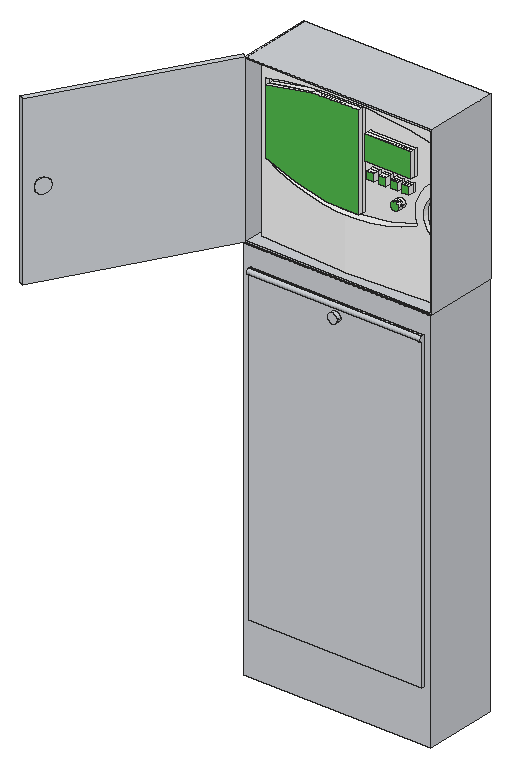
Revit family "Controller ESP-LXD", category Dispositivos de dados, Revit 2020
Family settings
  Manter orientação da anotação = Não
  Cota do conector redondo = Utilizar diâmetro
  Tipo de parte = Normal
  Número OmniClass = 23.85.50.00
  Título OmniClass = Communication Systems
  Com base no plano de trabalho = Não
  Sempre na vertical = Sim
  Corte com vazios quando carregada = Não
  Compartilhado = Não
  Ponto de cálculo do ambiente = Não
Parameters (values of type "IESPLXD")
  URL = "www.rainbird.com"
  SupportProjetos: Review Date = ""  # constant formula
  SupportProjetos: Review = "R00"  # constant formula
  SupportProjetos: Level of Detail = "LOD 300"  # constant formula
  SupportProjetos: Developed = "MICHEL SOARES MOTA"  # constant formula
  SupportProjetos: Creation Date = "16/09/2020"  # constant formula
  RainBird: Product Link = "www.rainbird.com"
  RainBird: Description = "IESPLXD"
  RainBird: Comment = ""
  RainBird: Code = "F43100"  # constant formula
  Modelo = "IESPLXD"
  LXMMPED [instance] = yes
  LXMM = yes
  DTT2 = 120 mm
  Tipo de imagem = esp-lxme_no_cover_straight_cc.jpg
  Valve feed output [instance] = 10 mm
  Depth = 129.561 mm
  Power = 29.5 VA
  DTT1 [instance] = if(([Number for ESPLXD-SM75]) = 1, 125, if(([Number for ESPLXD-SM75]) = 2, 200, 0))  # 125
  Number of Stations [instance] = DTT1  # 125
  Width = 364 mm
  Power Supply [instance] = 10 mm
  Elevação padrão = 0 mm
  Number for ESPLXD-SM75 [instance] = 1
  Number for ESPLXD50 [instance] = 1
  Corrente de Saída = 1.9 A
  Electrical Connection [instance] = 10 mm
  Height from base = 800 mm
  Heigth = 322 mm
  Type Comments = RainBird: Comment  # ""
  Supply = 230 VA
Types (5, lengths in mm): name | RainBird: Description | Modelo | DTT1 | Number of Stations | Number for ESPLXD-SM75 | Number for ESPLXD50 | Supply
  (no name) | "IESPLXD" | "IESPLXD" | 125 | 125 | 1 | 1 | 230 VA
  ESPLXDSM75 | "ESPLXDSM75" | "ESPLXDSM75" | 200 | 200 | 2 | 2 | 120 VA
  MOD50LXD | "MOD50LXD" | "MOD50LXD" | 200 | 200 | 2 | 2 | 120 VA
  IESPLXD | "IESPLXD" | "IESPLXD" | 125 | 125 | 1 | 1 | 230 VA
  ESPLXD | "ESPLXD" | "ESPLXD" | 200 | 200 | 2 | 2 | 120 VA
Reference planes
  plane 1 "Centro (Frente/Trás)": y = 0
  plane 2: z = 0
  plane 3 "Centro (Esquerda/Direita)": x = 0
Forms (mm)
  Extrusion 1, solid
    sketch origin (0, 0, 0) x (1, 0, 0) y (0, 1, 0)
      loop
        line (-182, 0) -> (-182, -120)
        arc (-182, -120) -> (0, -129.561) -> (182, -120) r 1736.939
        line (182, -120) -> (182, 0) -> (-182, 0)
    from 800 to 1122
  Extrusion 2, void
    sketch origin (0, 0, 0) x (1, 0, 0) y (0, 0, 1)
      loop
        line (38.45, 1069.296) -> (38.45, 1019.296) -> (133.45, 1019.296) -> (133.45, 1069.296) -> (38.45, 1069.296)
      loop
        line (43.39, 1003.455) -> (43.39, 988.455) -> (58.39, 988.455) -> (58.39, 1003.455) -> (43.39, 1003.455)
      loop
        line (67.765, 1003.455) -> (67.765, 988.455) -> (82.765, 988.455) -> (82.765, 1003.455) -> (67.765, 1003.455)
      loop
        line (92.14, 1003.455) -> (92.14, 988.455) -> (107.14, 988.455) -> (107.14, 1003.455) -> (92.14, 1003.455)
      loop
        line (114.64, 1003.455) -> (114.64, 988.455) -> (129.64, 988.455) -> (129.64, 1003.455) -> (114.64, 1003.455)
      loop
        circle (101.06, 958.044) r 8.598
      loop
        arc (26.271, 1110.18) -> (-69.781, 1107.865) -> (-163.999, 1089.039) r 555.728
        line (-163.999, 1089.039) -> (-163.999, 954.039)
        arc (-163.999, 954.039) -> (-71.282, 922.77) -> (26.271, 915.18) r 396.157
        line (26.271, 915.18) -> (26.271, 1110.18)
      loop
        line (-171.717, 1094.346) -> (-171.717, 949.346)
        arc (-171.717, 949.346) -> (-16.556, 906.905) -> (142.136, 933.228) r 375.813
        arc (142.136, 933.228) -> (141.692, 980.42) -> (168.45, 1019.296) r 78.303
        line (168.45, 1019.296) -> (168.45, 1094.346)
        arc (168.45, 1094.346) -> (-1.633, 1118.857) -> (-171.717, 1094.346) r 602.362
      loop
        arc (182, 1003.455) -> (154.868, 958.455) -> (182, 913.455) r 50.883
        line (182, 913.455) -> (182, 1003.455)
    from 113.937 to 131.163
  Extrusion 3, solid
    sketch origin (-440, 0, 0) x (1, 0, 0) y (0, 0, 1)
      loop
        arc (466.271, 1110.18) -> (370.219, 1107.865) -> (276.001, 1089.039) r 555.728
        line (276.001, 1089.039) -> (276.001, 954.039)
        arc (276.001, 954.039) -> (368.718, 922.77) -> (466.271, 915.18) r 396.157
        line (466.271, 915.18) -> (466.271, 1110.18)
      loop
        line (478.45, 1069.296) -> (478.45, 1019.296) -> (573.45, 1019.296) -> (573.45, 1069.296) -> (478.45, 1069.296)
      loop
        line (569.64, 988.455) -> (569.64, 1003.455) -> (554.64, 1003.455) -> (554.64, 988.455) -> (569.64, 988.455)
      loop
        line (547.14, 1003.455) -> (532.14, 1003.455) -> (532.14, 988.455) -> (547.14, 988.455) -> (547.14, 1003.455)
      loop
        line (507.765, 1003.455) -> (507.765, 988.455) -> (522.765, 988.455) -> (522.765, 1003.455) -> (507.765, 1003.455)
      loop
        line (498.39, 1003.455) -> (483.39, 1003.455) -> (483.39, 988.455) -> (498.39, 988.455) -> (498.39, 1003.455)
      loop
        circle (541.06, 958.044) r 8.598
    from 121.064 to 130.349
  Extrusion 4, solid
    sketch origin (96.723, 0, 0) x (1, 0, 0) y (0, 1, 0)
      loop
        circle (0, -61.428) r 10
    from 798.797 to 800
  Extrusion 5, solid
    sketch origin (-79.346, 0, 0) x (1, 0, 0) y (0, 1, 0)
      loop
        circle (0, -61.428) r 10
    from 798.797 to 800
Cuts and joins
  Extrusion 2 cuts Extrusion 1
Dimensions and locks
  "Width": Extrusion 1 sketch curve to Extrusion 1 sketch curve
  equal spacing: Extrusion 1 sketch curve, plane 3 "Centro (Esquerda/Direita)", Extrusion 1 sketch curve
  "DTT2": Extrusion 1 sketch curve to Extrusion 1 sketch curve  (x2)
  "Depth": Extrusion 1 sketch curve to Extrusion 1 sketch curve
  "Heigth": Extrusion 1 to Extrusion 1
  "Height from base": Extrusion 1 to level
  locked: cut or joined group of Extrusion 1, Extrusion 2 to Extrusion 4 at 1.203
  "Valve feed output": radius of Extrusion 4 sketch curve
  "Power Supply": radius of Extrusion 5 sketch curve
  aligned and locked: level to plane 2
  aligned and locked: plane 1 "Centro (Frente/Trás)" to Extrusion 1 sketch curve
  aligned and locked: Extrusion 4 to cut or joined group of Extrusion 1, Extrusion 2
Automatic sketch dimensions
  Extrusion 2 sketch curve to plane 3 "Centro (Esquerda/Direita)" = 171.717 mm
  Extrusion 2 sketch curve to Extrusion 2 sketch curve = 7.717 mm
  Extrusion 2 sketch curve to plane 3 "Centro (Esquerda/Direita)" = 8.412 mm
  Extrusion 2 sketch curve to plane 3 "Centro (Esquerda/Direita)" = 1.633 mm
  plane 3 "Centro (Esquerda/Direita)" to Extrusion 2 sketch curve = 2.718 mm
  plane 3 "Centro (Esquerda/Direita)" to Extrusion 2 sketch curve = 7.989 mm
  plane 3 "Centro (Esquerda/Direita)" to Extrusion 2 sketch curve = 26.271 mm
  plane 3 "Centro (Esquerda/Direita)" to Extrusion 2 sketch curve = 38.45 mm
  Extrusion 2 sketch curve to Extrusion 2 sketch curve = 4.94 mm
  Extrusion 2 sketch curve to Extrusion 2 sketch curve = 15 mm  (x5)
  Extrusion 2 sketch curve to Extrusion 2 sketch curve = 9.375 mm  (x2)
  Extrusion 2 sketch curve to Extrusion 2 sketch curve = 8.92 mm
  Extrusion 2 sketch curve to Extrusion 2 sketch curve = 7.5 mm
  Extrusion 2 sketch curve to Extrusion 2 sketch curve = 3.81 mm
  Extrusion 2 sketch curve to Extrusion 2 sketch curve = 35 mm
  Extrusion 2 sketch curve to Extrusion 2 sketch curve = 13.55 mm
  Extrusion 2 sketch curve to Extrusion 2 sketch curve = 23.751 mm
  Extrusion 2 sketch curve to Extrusion 2 sketch curve = 10.823 mm
  level to Extrusion 2 sketch curve = 516.495 mm
  Extrusion 2 sketch curve to Extrusion 2 sketch curve = 39.041 mm
  Extrusion 2 sketch curve to Extrusion 2 sketch curve = 357.919 mm
  Extrusion 2 sketch curve to Extrusion 2 sketch curve = 1.726 mm
  Extrusion 2 sketch curve to Extrusion 2 sketch curve = 34.165 mm
  Extrusion 2 sketch curve to Extrusion 2 sketch curve = 4.694 mm
  Extrusion 2 sketch curve to Extrusion 2 sketch curve = 44.072 mm
  Extrusion 2 sketch curve to Extrusion 2 sketch curve = 42.863 mm
  Extrusion 2 sketch curve to Extrusion 2 sketch curve = 0.928 mm
  Extrusion 2 sketch curve to Extrusion 2 sketch curve = 30.411 mm  (x2)
  Extrusion 2 sketch curve to Extrusion 2 sketch curve = 0 mm  (x5)
  Extrusion 2 sketch curve to Extrusion 2 sketch curve = 15.841 mm  (x2)
  Extrusion 2 sketch curve to Extrusion 2 sketch curve = 50 mm
  Extrusion 2 sketch curve to Extrusion 2 sketch curve = 135 mm
  Extrusion 2 sketch curve to Extrusion 2 sketch curve = 25.05 mm
  Extrusion 2 sketch curve to Extrusion 2 sketch curve = 28.692 mm
  Extrusion 3 sketch curve to Extrusion 3 sketch curve = 0 mm  (x6)
  Extrusion 3 sketch curve to plane 3 "Centro (Esquerda/Direita)" = 163.999 mm
  Extrusion 3 sketch curve to plane 3 "Centro (Esquerda/Direita)" = 8.412 mm
  plane 3 "Centro (Esquerda/Direita)" to Extrusion 3 sketch curve = 7.989 mm
  plane 3 "Centro (Esquerda/Direita)" to Extrusion 3 sketch curve = 26.271 mm
  plane 3 "Centro (Esquerda/Direita)" to Extrusion 3 sketch curve = 38.45 mm
  Extrusion 3 sketch curve to Extrusion 3 sketch curve = 4.94 mm
  Extrusion 3 sketch curve to Extrusion 3 sketch curve = 15 mm  (x6)
  Extrusion 3 sketch curve to Extrusion 3 sketch curve = 9.375 mm  (x2)
  Extrusion 3 sketch curve to Extrusion 3 sketch curve = 8.92 mm
  Extrusion 3 sketch curve to Extrusion 3 sketch curve = 7.5 mm
  Extrusion 3 sketch curve to Extrusion 3 sketch curve = 3.81 mm
  level to Extrusion 3 sketch curve = 555.536 mm
  Extrusion 3 sketch curve to Extrusion 3 sketch curve = 359.645 mm
  Extrusion 3 sketch curve to Extrusion 3 sketch curve = 38.859 mm
  Extrusion 3 sketch curve to Extrusion 3 sketch curve = 42.863 mm
  Extrusion 3 sketch curve to Extrusion 3 sketch curve = 30.411 mm  (x2)
  Extrusion 3 sketch curve to Extrusion 3 sketch curve = 15.841 mm
  Extrusion 3 sketch curve to Extrusion 3 sketch curve = 50 mm
  Extrusion 3 sketch curve to Extrusion 3 sketch curve = 135 mm
  Extrusion 3 sketch curve to Extrusion 3 sketch curve = 8.598 mm
  plane 3 "Centro (Esquerda/Direita)" to Extrusion 4 sketch curve = 96.723 mm
  plane 1 "Centro (Frente/Trás)" to Extrusion 4 sketch curve = 61.428 mm
  Extrusion 5 sketch curve to plane 3 "Centro (Esquerda/Direita)" = 79.346 mm
  plane 1 "Centro (Frente/Trás)" to Extrusion 5 sketch curve = 61.428 mm
  radius of Extrusion 2 sketch curve = 8.598 mm
Nested families
  nested 1: "LXMM" at (0, 0, 0), visible <- "LXMM", type "LXMM"
  nested 2: "LXMMPED" at (0, 0, 0), visible <- "LXMMPED", type "LXMMPED"
Connectors
  electrical at (96.723, -61.428, 798.797)
    settings: on Extrusion 4, index 1, voltage 0 V, apparent load 0 VA, apparent load phase1 0 VA, apparent load phase2 0 VA, apparent load phase3 0 VA, power factor 1, load classification "Outro", number of poles 1, system type 13, power factor state 1, is connector primary no, connector utility no, sub classification motor no, connector description ""
  electrical at (-79.346, -61.428, 798.797)
    settings: on Extrusion 5, index 2, voltage 120 V, apparent load 0 VA, apparent load phase1 0 VA, apparent load phase2 0 VA, apparent load phase3 0 VA, power factor 1, load classification "Potência", number of poles 1, system type 31, power factor state 0, is connector primary yes, connector utility no, sub classification motor no, connector description ""
  cabletrayconduit at (96.723, -61.428, 798.797), diameter 10, driven by "Valve feed output"
    settings: on Extrusion 4, index 3, connector width 300 mm, connector height 300 mm, connector angle 0.00°, system type 32, placement type 0, profile type 0, connector reference index -1, is primary connector yes, connector utility param no, connector description ""
  cabletrayconduit at (-79.346, -61.428, 798.797), diameter 10, driven by "Power Supply"
    settings: on Extrusion 5, index 4, connector width 300 mm, connector height 300 mm, connector angle 0.00°, system type 32, placement type 0, profile type 0, connector reference index -1, is primary connector no, connector utility param no, connector description ""
Definition of nested family "LXMM"
  Parameters (values of type "LXMM")
    x = 2 mm
    w = 798 mm
    l = 380 mm
    h = 342 mm
    b = 150 mm
    URL = "www.rainbird.com"
    SupportProjetos: Review Date = ""  # constant formula
    SupportProjetos: Review = "R00"  # constant formula
    SupportProjetos: Level of Detail = "LOD300"  # constant formula
    SupportProjetos: Developed = "MICHEL SOARES MOTA"  # constant formula
    SupportProjetos: Creation Date = "14/09/2020"  # constant formula
    RainBird: Product Link = "www.rainbird.com"
    RainBird: Description = "LXMM"
    RainBird: Comment = ""
    RainBird: Code = "F42400"  # constant formula
    Model = "LXMM"
    L = 384 mm
    Default Elevation = 0 mm
    Type Comments = RainBird: Description  # "LXMM"
    B = 152 mm
  Reference planes
    plane 1 "Centro (Frente/Trás)": y = 0
    plane 2: z = 0
    plane 3 "Centro (Esquerda/Direita)": x = 0
  Forms (mm)
    Extrusion 1, void
      sketch origin (0, 0, 0) x (1, 0, 0) y (0, 1, 0)
        loop
          line (-190, 0) -> (-190, -150) -> (190, -150) -> (190, 0) -> (-190, 0)
      from 800 to 1138
    Extrusion 2, solid
      sketch origin (0, 0, 0) x (1, 0, 0) y (0, 1, 0)
        loop
          line (-192, 2) -> (-192, -150) -> (192, -150) -> (192, 2) -> (-192, 2)
      from 798 to 1140
    Extrusion 3, solid
      sketch origin (0, 0, 0) x (1, 0, 0) y (0, 1, 0)
        loop
          line (-192, -150) -> (-200.66, -145) -> (-392.66, -477.554) -> (-384, -482.554) -> (-192, -150)
      from 798 to 1140
    Extrusion 4, solid
      sketch origin (-158.096, -391.277, 0) x (-0.5, -0.866025, 0) y (0, 0, 1)
        loop
          circle (157.422, 975.133) r 15
      from 145.93 to 165
  Cuts and joins
    Extrusion 1 cuts Extrusion 2
    joined: Extrusion 3, Extrusion 4
  Dimensions and locks
    "l": Extrusion 1 sketch curve to Extrusion 1 sketch curve
    equal spacing: Extrusion 1 sketch curve, plane 3 "Centro (Esquerda/Direita)", Extrusion 1 sketch curve
    "b": Extrusion 1 sketch curve to Extrusion 1 sketch curve
    equal spacing: Extrusion 2 sketch curve, plane 3 "Centro (Esquerda/Direita)", Extrusion 2 sketch curve
    "L": Extrusion 2 sketch curve to Extrusion 2 sketch curve
    "x": Extrusion 2 sketch curve to Extrusion 1
    "h": Extrusion 2 to Extrusion 2
    "w": Extrusion 2 to level
    "x": Extrusion 2 to Extrusion 1
    "x": Extrusion 1 to Extrusion 2
    aligned and locked: level to plane 2
    aligned and locked: Extrusion 2 sketch curve to Extrusion 1
    aligned and locked: Extrusion 2 to Extrusion 3
    aligned and locked: Extrusion 3 to Extrusion 2
  Automatic sketch dimensions
    Extrusion 3 sketch curve to plane 3 "Centro (Esquerda/Direita)" = 392.66 mm
    Extrusion 3 sketch curve to Extrusion 3 sketch curve = 8.66 mm
    Extrusion 3 sketch curve to plane 3 "Centro (Esquerda/Direita)" = 200.66 mm
    plane 1 "Centro (Frente/Trás)" to Extrusion 3 sketch curve = 482.554 mm
    Extrusion 3 sketch curve to Extrusion 3 sketch curve = 5 mm
    level to Extrusion 4 sketch curve = 975.133 mm
    plane 1 "Centro (Frente/Trás)" to Extrusion 1 sketch curve = 0 mm
    radius of Extrusion 4 sketch curve = 15 mm
Definition of nested family "LXMMPED"
  Parameters (values of type "LXMMPED")
    l = 384 mm
    h = 798 mm
    es = 152 mm
    URL = "www.rainbird.com"
    SupportProjetos: Review Date = ""  # constant formula
    SupportProjetos: Review = "R00"  # constant formula
    SupportProjetos: Level of Detail = "LOD300"  # constant formula
    SupportProjetos: Developed = "MICHEL SOARES MOTA"  # constant formula
    SupportProjetos: Creation Date = "17/09/2020"  # constant formula
    RainBird: Product Link = "www.rainbird.com"
    RainBird: Description = "LXMMPED"
    RainBird: Comment = ""
    RainBird: Code = "F42410"  # constant formula
    Model = "LXMMPED"
    Default Elevation = 0 mm
    Type Comments = RainBird: Description  # "LXMMPED"
  Reference planes
    plane 1 "Centro (Frente/Trás)": y = 0
    plane 2: z = 0
    plane 3 "Centro (Esquerda/Direita)": x = 0
  Forms (mm)
    Extrusion 1, solid
      sketch origin (0, 0, 0) x (1, 0, 0) y (0, 1, 0)
        loop
          line (-192, 0) -> (-192, -152) -> (192, -152) -> (192, 0) -> (-192, 0)
      from 0 to 798
    Extrusion 2, solid
      sketch origin (0, 0, 0) x (1, 0, 0) y (0, 1, 0)
        loop
          line (-178.527, -152) -> (-178.527, -156.677) -> (178.527, -156.677) -> (178.527, -152) -> (-178.527, -152)
      from 109.537 to 758.001
    Extrusion 3, solid
      sketch origin (0, 0, -12.5) x (1, 0, 0) y (0, 0, 1)
        loop
          circle (0, 743.344) r 10
      from 152 to 164.234
    Extrusion 4, solid
      sketch origin (0, 0, 0) x (0, 1, 0) y (0, 0, 1)
        loop
          arc (-156.677, 757.318) -> (-161.851, 751.923) -> (-156.677, 746.528) r 5.399
          line (-156.677, 746.528) -> (-156.677, 757.318)
      from -178.527 to 178.527
  Cuts and joins
    joined: Extrusion 2, Extrusion 3, Extrusion 4
  Dimensions and locks
    equal spacing: Extrusion 1 sketch curve, plane 3 "Centro (Esquerda/Direita)", Extrusion 1 sketch curve
    "l": Extrusion 1 sketch curve to Extrusion 1 sketch curve
    "es": Extrusion 1 sketch curve to Extrusion 1 sketch curve
    equal spacing: Extrusion 2 sketch curve, plane 3 "Centro (Esquerda/Direita)", Extrusion 2 sketch curve
    "h": Extrusion 1 to Extrusion 1
    aligned and locked: level to plane 2
    aligned and locked: plane 1 "Centro (Frente/Trás)" to Extrusion 1 sketch curve
    aligned and locked: Extrusion 1 to level
  Automatic sketch dimensions
    plane 1 "Centro (Frente/Trás)" to Extrusion 2 sketch curve = 156.677 mm
    Extrusion 2 sketch curve to Extrusion 2 sketch curve = 4.677 mm
    Extrusion 2 sketch curve to plane 3 "Centro (Esquerda/Direita)" = 178.527 mm
    Extrusion 3 sketch curve to plane 3 "Centro (Esquerda/Direita)" = 0 mm
    level to Extrusion 3 sketch curve = 730.844 mm
    plane 1 "Centro (Frente/Trás)" to Extrusion 4 sketch curve = 156.451 mm
    level to Extrusion 4 sketch curve = 751.923 mm
    Extrusion 4 sketch curve to Extrusion 4 sketch curve = 0.226 mm
    Extrusion 4 sketch curve to Extrusion 4 sketch curve = 5.395 mm
    radius of Extrusion 3 sketch curve = 10 mm
